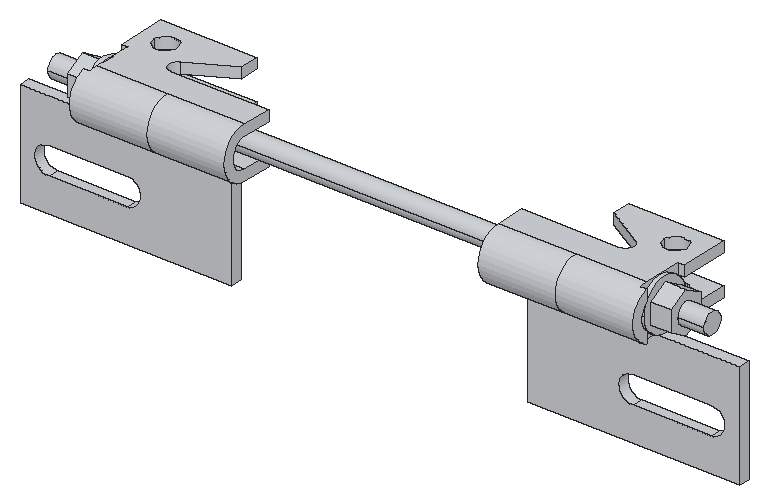
Revit family "Trägeranbindung IB vertikal, Typ D III und IV", category HLS-Bauteile, Revit 2017
Family settings
  Bemaßung runder Anschluss = Durchmesser verwenden
  Teiletyp = Normal
  Arbeitsebenenbasiert = Nein
  Immer vertikal = Nein
  Beim Laden mit Abzugskörper schneiden = Nein
  Gemeinsam genutzt = Ja
  Raumberechnungspunkt = Nein
Parameters
  vpe = "1 St"
  min. Klemmdicke = "8 mm"
  max. zul. Schublast = 4.00 kN
  max. zul. Last Zug = 4.00 kN
  max. Klemmstärke = 0 mm
  max Klemmdicke = 15 mm
  Typ = "D III"
  Trägeranbindung IB = Trägeranbindung rechts IB12 : Trägeranbindung rechts IB12
  Regelhalter [instance] = ""
  Oberflaeche = "feuerstückverzinkt"
  Mengeneinheit = "St"
  Materialname = "S235"
  Material = "Stahl"
  Kurztext2 = "Typ D III Klemmdicke 8 - 15 mm"
  Kurztext1 = "Trägeranbindung IB C-Profil 45"
  Klemmweite Flansch min. = 100 mm
  Klemmweite Flansch max. = 220 mm
  Klemmweite Flansch = 220 mm
  Klemmweite = "100-220 mm"
  Gewindestangentyp = "M12 x 310"
  Gewindestange = Gewindestift FK 8.8 mm : Gewindestange M12x310 mm
  Gewicht pro Bauteil = Gewicht  # 1.132 kg
  Gewicht = 1.132 kg
  Firma = "MEFA Befestigungs- und Montagesysteme GmbH"
  Fabrikat = "MEFA"
  EAN = "4250928420084"
  Artikelnummer = "08146103"
  AB = Klemmweite Flansch - Klemmweite Flansch min.  # 120 mm
Types (3, lengths in mm): name | min. Klemmdicke | max Klemmdicke | Typ | Trägeranbindung IB | Kurztext2 | Klemmweite Flansch min. | Klemmweite Flansch max. | Klemmweite Flansch | Klemmweite | Gewindestangentyp | Gewindestange | Gewicht pro Bauteil | Gewicht | EAN | Artikelnummer | AB
  (no name) | "8 mm" | 15 | "D III" | Trägeranbindung rechts IB12 : Trägeranbindung rechts IB12 | "Typ D III Klemmdicke 8 - 15 mm" | 100 | 220 | 220 | "100-220 mm" | "M12 x 310" | Gewindestift FK 8.8 mm : Gewindestange M12x310 mm | 1.132 kg | 1.132 kg | "4250928420084" | "08146103" | 120
  Trägeranbindung IB vertikal, Typ D III | "8 mm" | 0 | "D III" | Trägeranbindung rechts IB12 : Trägeranbindung rechts IB12 | "Typ D III Klemmdicke 8 - 15 mm" | 100 | 220 | 220 | "100-220 mm" | "M12 x 310" | Gewindestift FK 8.8 mm : Gewindestange M12x310 mm | 1.132 kg | 1.132 kg | "4250928420084" | "08146103" | 120
  Trägeranbindung IB vertikal, Typ D IV | "13 mm" | 0 | "D IV" | Trägeranbindung rechts IB16 : Trägeranbindung rechts IB16 | "Typ D IV Klemmdicke 13 - 20 mm" | 110 | 360 | 360 | "110-360 mm" | "M16 x 500" | Gewindestift FK 8.8 mm : Gewindestange M16x500 mm | 2.049 kg | 2.049 kg | "4250928420091" | "08146104" | 250
Reference planes
  plane 1 "Mitte (Vorne/hinten)": y = 0
  plane 2: z = 0
  plane 3 "Mitte (Links/rechts)": x = 0
  plane 4: z = 12
  plane 5: x = -60
  plane 6: x = 60
  plane 7: x = 110
  plane 8: x = -110
Dimensions and locks
  equal spacing: plane 6, plane 3 "Mitte (Links/rechts)", plane 5
  "AB": plane 6 to plane 5
  equal spacing: plane 8, plane 3 "Mitte (Links/rechts)", plane 7
  "Klemmweite Flansch": plane 8 to plane 7
  aligned and locked: level to plane 2
  aligned and locked: nested 1 to plane 6
  aligned and locked: plane 1 "Mitte (Vorne/hinten)" to nested 2
  aligned and locked: plane 3 "Mitte (Links/rechts)" to nested 2
  aligned and locked: plane 4 to nested 2
  aligned and locked: plane 5 to nested 3
  aligned and locked: nested 3 to plane 4
  aligned and locked: nested 1 to plane 1 "Mitte (Vorne/hinten)"
  aligned and locked: plane 1 "Mitte (Vorne/hinten)" to nested 3
Nested families
  nested 1: "Trägeranbindung rechts IB12" at (96.5, 34.506, 0), type "Trägeranbindung rechts IB12"
  nested 2: "Gewindestift FK 8.8 mm" at (0, 0, 12), type <- "Gewindestange", type "Gewindestange M12x310 mm"
  nested 3: "Trägeranbindung rechts IB12" at (-96.5, 34.506, 0) x (-1, 0, 0) z (0, 0, 1), type "Trägeranbindung rechts IB12"
Definition of nested family "Trägeranbindung rechts IB12"
  Parameters (values of type "Trägeranbindung rechts IB12")
    Regelhalter [instance] = ""
    Firma = "MEFA Befestigungs- und Montagesysteme GmbH"
  Reference planes
    plane 1 "Mitte (Vorne/hinten)": y = 0
    plane 2: z = 0
    plane 3 "Mitte (Links/rechts)": x = 0
    plane 4: y = -20.006
    plane 5: y = -24.006
    plane 6: x = 9.522
    plane 7: x = 24
    plane 8: y = -13.006
    plane 9: z = 12
    plane 10: y = -42.05
    plane 11: y = -23.506
    plane 12: y = -38.215
    plane 13: x = -26.5
    plane 14: x = -36.5
    plane 15: y = -32.006
    plane 16: y = -28.006
    plane 17: y = -34.506
  Forms (mm)
    Sweep 1, solid
      path origin (0, 0, 0) x (0, 1, 0) y (0, 0, 1)
        loop
          line (0, 0) -> (-42.05, 0)
          arc (-42.05, 0) -> (-54.05, 12) -> (-42.05, 24) r 12
          line (-42.05, 24) -> (0, 24)
      profile origin (0, -21.025, 0) x (0, 0, -1) y (1, 0, 0)
        loop
          line (0, 0) -> (0, 36.5) -> (-5, 36.5) -> (-5, -36.5) -> (0, -36.5) -> (0, 0)
    Extrusion 2, void
      sketch origin (0, 0, 0) x (1, 0, 0) y (0, 1, 0)
        loop
          line (-36.5, 0) -> (-36.5, -28.006) -> (9.522, -28.006)
          arc (9.522, -28.006) -> (13.418, -24.911) -> (11.285, -20.416) r 4
          line (11.285, -20.416) -> (-8.543, -8.968) -> (-8.543, 0) -> (-36.5, 0)
      from 0 to 50
    Extrusion 3, void
      sketch origin (0, 0, 0) x (1, 0, 0) y (0, 1, 0)
        loop
          circle (24, -13.006) r 5.5
      from 0 to 50
    Extrusion 4, void
      sketch origin (0, 0, 0) x (1, 0, 0) y (0, 1, 0)
        loop
          line (36.5, -23.506) -> (33.5, -23.506) -> (33.5, -45.506) -> (36.5, -45.506) -> (36.5, -23.506)
      from 0 to 50
  Cuts and joins
    Extrusion 2, Extrusion 3, Extrusion 4 cuts Sweep 1
  Dimensions and locks
    plane 1 "Mitte (Vorne/hinten)" to plane 8 = 13.006 mm
    equal spacing: plane 11, plane 17, cut or joined group of Sweep 1, Extrusion 2, Extrusion 3, Extrusion 4, locked at 11 each
    aligned and locked: level to plane 2
    aligned and locked: Extrusion 2 sketch curve to Sweep 1
    aligned and locked: plane 14 to cut or joined group of Sweep 1, Extrusion 2, Extrusion 3, Extrusion 4
    aligned and locked: level to nested 1
    aligned and locked: plane 13 to nested 1  (x2)
    aligned and locked: plane 16 to cut or joined group of Sweep 1, Extrusion 2, Extrusion 3, Extrusion 4
    aligned and locked: nested 1 to plane 15
    aligned and locked: nested 2 to plane 17
    aligned and locked: plane 9 to nested 2
    aligned and locked: nested 3 to plane 17
    aligned and locked: nested 3 to nested 2
    aligned and locked: plane 9 to nested 3
  Automatic sketch dimensions
    Sweep 1 sketch curve to level = 0 mm
    Sweep 1 sketch curve to plane 10 = 0 mm
    Sweep 1 sketch curve to plane 1 "Mitte (Vorne/hinten)" = 0 mm  (x2)
    Sweep 1 sketch curve to plane 9 = 0 mm
    Sweep 1 sketch curve to plane 3 "Mitte (Links/rechts)" = 0 mm
    Sweep 1 sketch curve to profile plane = 0 mm
    profile plane to Sweep 1 sketch curve = 5 mm
    Sweep 1 sketch curve to plane 3 "Mitte (Links/rechts)" = 36.5 mm
    plane 3 "Mitte (Links/rechts)" to Sweep 1 sketch curve = 36.5 mm
    plane 1 "Mitte (Vorne/hinten)" to Extrusion 2 sketch curve = 0 mm
    Extrusion 2 sketch curve to plane 6 = 0 mm
    Extrusion 2 sketch curve to plane 16 = 0 mm
    Extrusion 2 sketch curve to plane 5 = 0 mm
    plane 8 to Extrusion 2 sketch curve = 4.038 mm
    Extrusion 2 sketch curve to plane 3 "Mitte (Links/rechts)" = 8.543 mm
    Extrusion 2 sketch curve to plane 4 = 0.41 mm
    Extrusion 3 sketch curve to plane 7 = 0 mm
    Extrusion 3 sketch curve to plane 8 = 0 mm
    Extrusion 4 sketch curve to plane 11 = 0 mm
    plane 7 to Extrusion 4 sketch curve = 9.5 mm
    Extrusion 4 sketch curve to Extrusion 4 sketch curve = 3 mm
    Extrusion 4 sketch curve to plane 10 = 3.456 mm
    radius of Extrusion 3 sketch curve = 5.5 mm
  Nested families
    nested 1: "Lasche" at (73.5, -32.006, -50), type "Lasche"
    nested 2: "Unterlegscheibe M12" at (33.5, -34.506, 12), type "U-Scheibe M 12"
    nested 3: "6kt-Mutter M12 seite Ansicht" at (36, -34.506, 12), type "Mutter M6"
  Definition of nested family "Lasche"
    Parameters (values of type "Lasche")
      Regelhalter [instance] = ""
      Firma = "MEFA Befestigungs- und Montagesysteme GmbH"
    Reference planes
      plane 1 "Mitte (Vorne/hinten)": y = 0
      plane 2: z = 0
      plane 3 "Mitte (Links/rechts)": x = 0
      plane 4: z = 22.5
      plane 5: x = -32
      plane 6: z = 29
      plane 7: z = 16
      plane 8: x = -13.5
      plane 9: x = -50.5
    Forms (mm)
      Extrusion 1, solid
        sketch origin (0, 0, 0) x (1, 0, 0) y (0, 0, 1)
          loop
            line (0, 0) -> (0, 50) -> (-100, 50) -> (-100, 0) -> (0, 0)
        from 0 to 5
      Extrusion 2, void
        sketch origin (0, 0, 0) x (1, 0, 0) y (0, 0, 1)
          loop
            line (-13.5, 29) -> (-50.5, 29)
            arc (-50.5, 29) -> (-57, 22.5) -> (-50.5, 16) r 6.5
            line (-50.5, 16) -> (-13.5, 16)
            arc (-13.5, 16) -> (-7, 22.5) -> (-13.5, 29) r 6.5
        from 0 to 5
    Cuts and joins
      Extrusion 2 cuts Extrusion 1
    Dimensions and locks
      aligned and locked: level to plane 2
      aligned and locked: plane 2 to Extrusion 1 sketch curve
      aligned and locked: Extrusion 1 sketch curve to plane 3 "Mitte (Links/rechts)"
  Definition of nested family "Unterlegscheibe M12"
    Parameters (values of type "U-Scheibe M 12")
      d2 = 13 mm
      d1 = 24 mm
      Regelhalter [instance] = ""
      H = 2.5 mm
      Firma = "MEFA Befestigungs- und Montagesysteme GmbH"
    Reference planes
      plane 1 "Mitte (Vorne/hinten)": y = 0
      plane 2: z = 0
      plane 3 "Mitte (Links/rechts)": x = 0
      plane 4: x = 2.5
    Forms (mm)
      Extrusion 1, solid
        sketch origin (0, 0, 0) x (0, 1, 0) y (0, 0, 1)
          loop
            circle (0, 0) r 12
        from 0 to 2.5
      Extrusion 2, void
        sketch origin (0, 0, 0) x (0, 1, 0) y (0, 0, 1)
          loop
            circle (0, 0) r 6.5
        from 0 to 2.5
    Cuts and joins
      Extrusion 2 cuts Extrusion 1
    Dimensions and locks
      "H": plane 3 "Mitte (Links/rechts)" to plane 4
      "d1": diameter of Extrusion 1 sketch curve
      "d2": diameter of Extrusion 2 sketch curve
      aligned and locked: level to plane 2
      aligned and locked: cut or joined group of Extrusion 1, Extrusion 2 to plane 3 "Mitte (Links/rechts)"
      aligned and locked: cut or joined group of Extrusion 1, Extrusion 2 to plane 4
    Automatic sketch dimensions
      Extrusion 1 sketch curve to level = 0 mm
      Extrusion 1 sketch curve to plane 1 "Mitte (Vorne/hinten)" = 0 mm
      Extrusion 2 sketch curve to level = 0 mm
      Extrusion 2 sketch curve to plane 1 "Mitte (Vorne/hinten)" = 0 mm
  Definition of nested family "6kt-Mutter M12 seite Ansicht"
    Parameters (values of type "Mutter M6")
      Regelhalter [instance] = ""
      Lochung = 10.2 mm
      H = 10 mm
      Firma = "MEFA Befestigungs- und Montagesysteme GmbH"
      F2 = 19 mm
    Reference planes
      plane 1 "Center (Front/Back)": y = 0
      plane 2: z = 0
      plane 3 "Center (Left/Right)": x = 0
    Forms (mm)
      Extrusion 1, solid
        sketch origin (0, 0, 0) x (0, 1, 0) y (0, 0, 1)
          loop
            line (-8.542, -4.932) -> (0, -9.864) -> (8.542, -4.932) -> (8.542, 4.932) -> (0, 9.864) -> (-8.542, 4.932) -> (-8.542, -4.932)
        from 0 to 10
      Extrusion 2, void
        sketch origin (0, 0, 0) x (0, 1, 0) y (0, 0, 1)
          loop
            circle (0, 0) r 5.1
        from 0 to 10
    Cuts and joins
      Extrusion 2 cuts Extrusion 1
    Dimensions and locks
      "Lochung": diameter of Extrusion 2 sketch curve
      aligned and locked: level to plane 2
    Automatic sketch dimensions
      Extrusion 1 sketch curve to plane 1 "Center (Front/Back)" = 0 mm  (x2)
      plane 1 "Center (Front/Back)" to Extrusion 1 sketch curve = 8.542 mm
      Extrusion 1 sketch curve to plane 1 "Center (Front/Back)" = 8.542 mm
      Extrusion 1 sketch curve to level = 9.864 mm
      Extrusion 1 sketch curve to level = 4.932 mm  (x2)
      level to Extrusion 1 sketch curve = 4.932 mm  (x2)
      Extrusion 1 sketch curve to Extrusion 1 sketch curve = 4.932 mm
      Extrusion 2 sketch curve to level = 0 mm
      Extrusion 2 sketch curve to plane 1 "Center (Front/Back)" = 0 mm
Definition of nested family "Gewindestift FK 8.8 mm"
  Parameters (values of type "Gewindestange M12x310 mm")
    vpe = "25 St"
    min. Klemmdicke = ""
    max. zul. Schublast = 0.00 kN
    max. zul. Last Zug = 0.00 kN
    max. Klemmstärke = 0 mm
    max Klemmdicke = 0 mm
    Typ = ""
    Regelhalter [instance] = ""
    Oberflaeche = "galvanisch verzinkt"
    Mengeneinheit = "St"
    Material = "Stahl"
    Länge = 310 mm
    Kurztext2 = "M12 x 1000 mm gvz FK 4.6"
    Kurztext1 = "Gewindestange DIN 976-1"
    Klemmweite = ""
    Gewindestangentyp = ""
    Gewicht = 0.735 kg
    Firma = "MEFA Befestigungs- und Montagesysteme GmbH"
    Fabrikat = "MEFA"
    EAN = "4250928416476"
    D = 9.9 mm
    Artikelnummer = "0730122"
  Types (2, lengths in mm): name | Länge | D
    Gewindestange M12x310 mm | 310 | 9.9
    Gewindestange M16x500 mm | 500 | 14
  Reference planes
    plane 1 "Mitte (Vorne/hinten)": y = 0
    plane 2: z = 0
    plane 3 "Mitte (Links/rechts)": x = 0
    plane 4: x = 0
    plane 5: x = 155
    plane 6: x = -155
  Forms (mm)
    Extrusion 1, solid
      sketch origin (0, 0, 0) x (0, 1, 0) y (0, 0, 1)
        loop
          circle (0, 0) r 4.95
      from -155 to 155
  Lines and regions (mm)
    model lines, not visible
      curve 1: line (36.259, 0, 0) -> (-38.741, 0, 0)
      curve 2: line (175.372, 0, 0) -> (130.372, 0, 0)
      curve 3: line (-124.748, 0, 0) -> (-179.748, 0, 0)
  Dimensions and locks
    "Länge": plane 6 to plane 5
    equal spacing: plane 6, plane 4, plane 5
    "D": diameter of Extrusion 1 sketch curve
    aligned and locked: level to plane 2
    aligned and locked: curve 1 to level
    aligned and locked: curve 2 to level
    aligned and locked: curve 3 to level
    aligned and locked: plane 4 to plane 3 "Mitte (Links/rechts)"
    aligned and locked: Extrusion 1 to plane 5
    aligned and locked: plane 6 to Extrusion 1
  Automatic sketch dimensions
    curve 3 to plane 3 "Mitte (Links/rechts)" = 179.748 mm
    curve 3 to curve 3 = 55 mm
    curve 1 to plane 3 "Mitte (Links/rechts)" = 38.741 mm
    plane 3 "Mitte (Links/rechts)" to curve 1 = 36.259 mm
    curve 1 to curve 2 = 94.114 mm
    curve 2 to curve 2 = 45 mm
    Extrusion 1 sketch curve to level = 0 mm
    Extrusion 1 sketch curve to plane 1 "Mitte (Vorne/hinten)" = 0 mm
